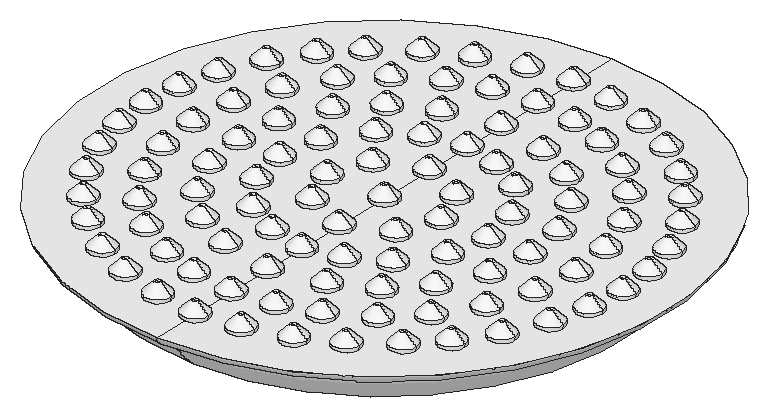
Revit family "Reece_Shower_Kado_Era_Shower Rose_200mm", category Plumbing Fixtures, host Face, Revit 2018 (continued)
Automatic sketch dimensions
  Revolve 41 sketch curve to Revolve 41 sketch curve = 4.5 mm  (x2)
  Revolve 41 sketch curve to Revolve 41 sketch curve = 3.5 mm
  Revolve 41 sketch curve to Revolve 41 sketch curve = 0 mm  (x2)
  Revolve 41 sketch curve to Revolve 41 sketch curve = 0.5 mm
  Revolve 42 sketch curve to plane 3 "Center (Left/Right)" = 31.536 mm
  Revolve 42 sketch curve to Revolve 42 sketch curve = 1 mm
  Revolve 42 sketch curve to Revolve 42 sketch curve = 4.5 mm  (x2)
  Revolve 42 sketch curve to Revolve 42 sketch curve = 3.5 mm
  Revolve 42 sketch curve to Revolve 42 sketch curve = 0 mm  (x2)
  Revolve 42 sketch curve to Revolve 42 sketch curve = 0.5 mm
  Revolve 43 sketch curve to plane 3 "Center (Left/Right)" = 41.926 mm
  Revolve 43 sketch curve to Revolve 43 sketch curve = 1 mm
  Revolve 43 sketch curve to Revolve 43 sketch curve = 4.5 mm  (x2)
  Revolve 43 sketch curve to Revolve 43 sketch curve = 3.5 mm
  Revolve 43 sketch curve to Revolve 43 sketch curve = 0 mm  (x2)
  Revolve 43 sketch curve to Revolve 43 sketch curve = 0.5 mm
  Revolve 44 sketch curve to plane 3 "Center (Left/Right)" = 49.259 mm
  Revolve 44 sketch curve to Revolve 44 sketch curve = 1 mm
  Revolve 44 sketch curve to Revolve 44 sketch curve = 4.5 mm  (x2)
  Revolve 44 sketch curve to Revolve 44 sketch curve = 3.5 mm
  Revolve 44 sketch curve to Revolve 44 sketch curve = 0 mm  (x2)
  Revolve 44 sketch curve to Revolve 44 sketch curve = 0.5 mm
  plane 3 "Center (Left/Right)" to Revolve 45 sketch curve = 0.043 mm  (x2)
  Revolve 45 sketch curve to Revolve 45 sketch curve = 1 mm
  Revolve 45 sketch curve to Revolve 45 sketch curve = 4.5 mm  (x2)
  Revolve 45 sketch curve to Revolve 45 sketch curve = 3.5 mm
  Revolve 45 sketch curve to Revolve 45 sketch curve = 0.5 mm
  Revolve 45 sketch curve to Revolve 45 sketch curve = 0 mm
  plane 3 "Center (Left/Right)" to Revolve 46 sketch curve = 0.043 mm  (x2)
  Revolve 46 sketch curve to Revolve 46 sketch curve = 1 mm  (x2)
  Revolve 46 sketch curve to Revolve 46 sketch curve = 4.5 mm  (x2)
  Revolve 46 sketch curve to Revolve 46 sketch curve = 0 mm
  Revolve 46 sketch curve to Revolve 46 sketch curve = 0.5 mm
  plane 3 "Center (Left/Right)" to Revolve 47 sketch curve = 14.442 mm
  Revolve 47 sketch curve to Revolve 47 sketch curve = 1 mm
  Revolve 47 sketch curve to Revolve 47 sketch curve = 4.5 mm  (x2)
  Revolve 47 sketch curve to Revolve 47 sketch curve = 3.5 mm
  Revolve 47 sketch curve to Revolve 47 sketch curve = 0 mm  (x2)
  Revolve 47 sketch curve to Revolve 47 sketch curve = 0.5 mm
  plane 3 "Center (Left/Right)" to Revolve 48 sketch curve = 27.334 mm
  Revolve 48 sketch curve to Revolve 48 sketch curve = 1 mm
  Revolve 48 sketch curve to Revolve 48 sketch curve = 4.5 mm  (x2)
  Revolve 48 sketch curve to Revolve 48 sketch curve = 3.5 mm
  Revolve 48 sketch curve to Revolve 48 sketch curve = 0 mm  (x2)
  Revolve 48 sketch curve to Revolve 48 sketch curve = 0.5 mm
  plane 3 "Center (Left/Right)" to Revolve 49 sketch curve = 40.634 mm
  Revolve 49 sketch curve to Revolve 49 sketch curve = 1 mm
  Revolve 49 sketch curve to Revolve 49 sketch curve = 4.5 mm  (x2)
  Revolve 49 sketch curve to Revolve 49 sketch curve = 3.5 mm
  Revolve 49 sketch curve to Revolve 49 sketch curve = 0 mm  (x2)
  Revolve 49 sketch curve to Revolve 49 sketch curve = 0.5 mm
  plane 4 to Revolve 50 sketch curve = 48.759 mm
  Revolve 50 sketch curve to Revolve 50 sketch curve = 1 mm
  Revolve 50 sketch curve to Revolve 50 sketch curve = 4.5 mm  (x2)
  Revolve 50 sketch curve to Revolve 50 sketch curve = 3.5 mm
  Revolve 50 sketch curve to Revolve 50 sketch curve = 0 mm  (x2)
  Revolve 50 sketch curve to Revolve 50 sketch curve = 0.5 mm
  plane 4 to Revolve 51 sketch curve = 32.734 mm
  Revolve 51 sketch curve to Revolve 51 sketch curve = 1 mm
  Revolve 51 sketch curve to Revolve 51 sketch curve = 4.5 mm  (x2)
  Revolve 51 sketch curve to Revolve 51 sketch curve = 3.5 mm
  Revolve 51 sketch curve to Revolve 51 sketch curve = 0 mm  (x2)
  Revolve 51 sketch curve to Revolve 51 sketch curve = 0.5 mm
  plane 4 to Revolve 52 sketch curve = 39.928 mm
  Revolve 52 sketch curve to Revolve 52 sketch curve = 1 mm
  Revolve 52 sketch curve to Revolve 52 sketch curve = 4.5 mm  (x2)
  Revolve 52 sketch curve to Revolve 52 sketch curve = 3.5 mm
  Revolve 52 sketch curve to Revolve 52 sketch curve = 0 mm  (x2)
  Revolve 52 sketch curve to Revolve 52 sketch curve = 0.5 mm
  plane 4 to Revolve 53 sketch curve = 34.611 mm
  Revolve 53 sketch curve to Revolve 53 sketch curve = 1 mm
  Revolve 53 sketch curve to Revolve 53 sketch curve = 4.5 mm  (x2)
  Revolve 53 sketch curve to Revolve 53 sketch curve = 3.5 mm
  Revolve 53 sketch curve to Revolve 53 sketch curve = 0 mm  (x2)
  Revolve 53 sketch curve to Revolve 53 sketch curve = 0.5 mm
  Revolve 54 sketch curve to plane 3 "Center (Left/Right)" = 14.442 mm
  Revolve 54 sketch curve to Revolve 54 sketch curve = 1 mm  (x2)
  Revolve 54 sketch curve to Revolve 54 sketch curve = 4.5 mm  (x2)
  Revolve 54 sketch curve to Revolve 54 sketch curve = 0 mm  (x2)
  Revolve 54 sketch curve to Revolve 54 sketch curve = 0.5 mm
  Revolve 55 sketch curve to plane 3 "Center (Left/Right)" = 27.334 mm
  Revolve 55 sketch curve to Revolve 55 sketch curve = 1 mm  (x2)
  Revolve 55 sketch curve to Revolve 55 sketch curve = 4.5 mm  (x2)
  Revolve 55 sketch curve to Revolve 55 sketch curve = 0 mm  (x2)
  Revolve 55 sketch curve to Revolve 55 sketch curve = 0.5 mm
  Revolve 56 sketch curve to plane 3 "Center (Left/Right)" = 40.634 mm
  Revolve 56 sketch curve to Revolve 56 sketch curve = 1 mm  (x2)
  Revolve 56 sketch curve to Revolve 56 sketch curve = 4.5 mm  (x2)
  Revolve 56 sketch curve to Revolve 56 sketch curve = 0 mm  (x2)
  Revolve 56 sketch curve to Revolve 56 sketch curve = 0.5 mm
  Revolve 57 sketch curve to plane 7 = 48.759 mm
  Revolve 57 sketch curve to Revolve 57 sketch curve = 1 mm  (x2)
  Revolve 57 sketch curve to Revolve 57 sketch curve = 4.5 mm  (x2)
  Revolve 57 sketch curve to Revolve 57 sketch curve = 0 mm  (x2)
  Revolve 57 sketch curve to Revolve 57 sketch curve = 0.5 mm
  Revolve 58 sketch curve to plane 7 = 32.734 mm
  Revolve 58 sketch curve to Revolve 58 sketch curve = 1 mm  (x2)
  Revolve 58 sketch curve to Revolve 58 sketch curve = 4.5 mm  (x2)
  Revolve 58 sketch curve to Revolve 58 sketch curve = 0 mm  (x2)
  Revolve 58 sketch curve to Revolve 58 sketch curve = 0.5 mm
  Revolve 59 sketch curve to plane 7 = 39.928 mm
  Revolve 59 sketch curve to Revolve 59 sketch curve = 1 mm  (x2)
  Revolve 59 sketch curve to Revolve 59 sketch curve = 4.5 mm  (x2)
  Revolve 59 sketch curve to Revolve 59 sketch curve = 0 mm  (x2)
  Revolve 59 sketch curve to Revolve 59 sketch curve = 0.5 mm
  Revolve 60 sketch curve to plane 7 = 34.611 mm
  Revolve 60 sketch curve to Revolve 60 sketch curve = 1 mm  (x2)
  Revolve 60 sketch curve to Revolve 60 sketch curve = 4.5 mm  (x2)
  Revolve 60 sketch curve to Revolve 60 sketch curve = 0 mm  (x2)
  Revolve 60 sketch curve to Revolve 60 sketch curve = 0.5 mm
  plane 3 "Center (Left/Right)" to Revolve 61 sketch curve = 0.043 mm  (x2)
  Revolve 61 sketch curve to Revolve 61 sketch curve = 1 mm
  Revolve 61 sketch curve to Revolve 61 sketch curve = 4.5 mm  (x2)
  Revolve 61 sketch curve to Revolve 61 sketch curve = 3.5 mm
  Revolve 61 sketch curve to Revolve 61 sketch curve = 0.5 mm
  Revolve 61 sketch curve to Revolve 61 sketch curve = 0 mm
  plane 3 "Center (Left/Right)" to Revolve 62 sketch curve = 14.442 mm
  Revolve 62 sketch curve to Revolve 62 sketch curve = 1 mm  (x2)
  Revolve 62 sketch curve to Revolve 62 sketch curve = 4.5 mm  (x2)
  Revolve 62 sketch curve to Revolve 62 sketch curve = 0 mm  (x2)
  Revolve 62 sketch curve to Revolve 62 sketch curve = 0.5 mm
  plane 3 "Center (Left/Right)" to Revolve 63 sketch curve = 27.334 mm
  Revolve 63 sketch curve to Revolve 63 sketch curve = 1 mm  (x2)
  Revolve 63 sketch curve to Revolve 63 sketch curve = 4.5 mm  (x2)
  Revolve 63 sketch curve to Revolve 63 sketch curve = 0 mm  (x2)
  Revolve 63 sketch curve to Revolve 63 sketch curve = 0.5 mm
  plane 3 "Center (Left/Right)" to Revolve 64 sketch curve = 40.634 mm
  Revolve 64 sketch curve to Revolve 64 sketch curve = 1 mm  (x2)
  Revolve 64 sketch curve to Revolve 64 sketch curve = 4.5 mm  (x2)
  Revolve 64 sketch curve to Revolve 64 sketch curve = 0 mm  (x2)
  Revolve 64 sketch curve to Revolve 64 sketch curve = 0.5 mm
  plane 4 to Revolve 65 sketch curve = 48.759 mm
  Revolve 65 sketch curve to Revolve 65 sketch curve = 1 mm  (x2)
  Revolve 65 sketch curve to Revolve 65 sketch curve = 4.5 mm  (x2)
  Revolve 65 sketch curve to Revolve 65 sketch curve = 0 mm  (x2)
  Revolve 65 sketch curve to Revolve 65 sketch curve = 0.5 mm
  plane 4 to Revolve 66 sketch curve = 39.928 mm
  Revolve 66 sketch curve to Revolve 66 sketch curve = 1 mm  (x2)
  Revolve 66 sketch curve to Revolve 66 sketch curve = 4.5 mm  (x2)
  Revolve 66 sketch curve to Revolve 66 sketch curve = 0 mm  (x2)
  Revolve 66 sketch curve to Revolve 66 sketch curve = 0.5 mm
  plane 4 to Revolve 67 sketch curve = 34.611 mm
  Revolve 67 sketch curve to Revolve 67 sketch curve = 1 mm  (x2)
  Revolve 67 sketch curve to Revolve 67 sketch curve = 4.5 mm  (x2)
  Revolve 67 sketch curve to Revolve 67 sketch curve = 0 mm  (x2)
  Revolve 67 sketch curve to Revolve 67 sketch curve = 0.5 mm
  Revolve 68 sketch curve to plane 3 "Center (Left/Right)" = 14.442 mm
  Revolve 68 sketch curve to Revolve 68 sketch curve = 1 mm
  Revolve 68 sketch curve to Revolve 68 sketch curve = 4.5 mm  (x2)
  Revolve 68 sketch curve to Revolve 68 sketch curve = 3.5 mm
  Revolve 68 sketch curve to Revolve 68 sketch curve = 0 mm  (x2)
  Revolve 68 sketch curve to Revolve 68 sketch curve = 0.5 mm
  Revolve 69 sketch curve to plane 3 "Center (Left/Right)" = 27.334 mm
  Revolve 69 sketch curve to Revolve 69 sketch curve = 1 mm
  Revolve 69 sketch curve to Revolve 69 sketch curve = 4.5 mm  (x2)
  Revolve 69 sketch curve to Revolve 69 sketch curve = 3.5 mm
  Revolve 69 sketch curve to Revolve 69 sketch curve = 0 mm  (x2)
  Revolve 69 sketch curve to Revolve 69 sketch curve = 0.5 mm
  Revolve 70 sketch curve to plane 3 "Center (Left/Right)" = 40.634 mm
  Revolve 70 sketch curve to Revolve 70 sketch curve = 1 mm
  Revolve 70 sketch curve to Revolve 70 sketch curve = 4.5 mm  (x2)
  Revolve 70 sketch curve to Revolve 70 sketch curve = 3.5 mm
  Revolve 70 sketch curve to Revolve 70 sketch curve = 0 mm  (x2)
  Revolve 70 sketch curve to Revolve 70 sketch curve = 0.5 mm
  Revolve 71 sketch curve to plane 7 = 48.759 mm
  Revolve 71 sketch curve to Revolve 71 sketch curve = 1 mm
  Revolve 71 sketch curve to Revolve 71 sketch curve = 4.5 mm  (x2)
  Revolve 71 sketch curve to Revolve 71 sketch curve = 3.5 mm
  Revolve 71 sketch curve to Revolve 71 sketch curve = 0 mm  (x2)
  Revolve 71 sketch curve to Revolve 71 sketch curve = 0.5 mm
  Revolve 72 sketch curve to plane 7 = 39.928 mm
  Revolve 72 sketch curve to Revolve 72 sketch curve = 1 mm
  Revolve 72 sketch curve to Revolve 72 sketch curve = 4.5 mm  (x2)
  Revolve 72 sketch curve to Revolve 72 sketch curve = 3.5 mm
  Revolve 72 sketch curve to Revolve 72 sketch curve = 0 mm  (x2)
  Revolve 72 sketch curve to Revolve 72 sketch curve = 0.5 mm
  Revolve 73 sketch curve to plane 7 = 34.611 mm
  Revolve 73 sketch curve to Revolve 73 sketch curve = 1 mm
  Revolve 73 sketch curve to Revolve 73 sketch curve = 4.5 mm  (x2)
  Revolve 73 sketch curve to Revolve 73 sketch curve = 3.5 mm
  Revolve 73 sketch curve to Revolve 73 sketch curve = 0 mm  (x2)
  Revolve 73 sketch curve to Revolve 73 sketch curve = 0.5 mm
  Revolve 74 sketch curve to plane 3 "Center (Left/Right)" = 0.019 mm  (x2)
  plane 3 "Center (Left/Right)" to Revolve 74 sketch curve = 0.981 mm
  plane 3 "Center (Left/Right)" to Revolve 74 sketch curve = 4.481 mm
  Revolve 74 sketch curve to Revolve 74 sketch curve = 1 mm
  Revolve 74 sketch curve to Revolve 74 sketch curve = 4.5 mm
  Revolve 74 sketch curve to Revolve 74 sketch curve = 0 mm
  Revolve 74 sketch curve to Revolve 74 sketch curve = 0.5 mm
  plane 3 "Center (Left/Right)" to Revolve 75 sketch curve = 29.602 mm
  Revolve 75 sketch curve to Revolve 75 sketch curve = 1 mm
  Revolve 75 sketch curve to Revolve 75 sketch curve = 4.5 mm  (x2)
  Revolve 75 sketch curve to Revolve 75 sketch curve = 3.5 mm
  Revolve 75 sketch curve to Revolve 75 sketch curve = 0 mm  (x2)
  Revolve 75 sketch curve to Revolve 75 sketch curve = 0.5 mm
  plane 3 "Center (Left/Right)" to Revolve 76 sketch curve = 42.863 mm
  Revolve 76 sketch curve to Revolve 76 sketch curve = 1 mm
  Revolve 76 sketch curve to Revolve 76 sketch curve = 4.5 mm  (x2)
  Revolve 76 sketch curve to Revolve 76 sketch curve = 3.5 mm
  Revolve 76 sketch curve to Revolve 76 sketch curve = 0 mm  (x2)
  Revolve 76 sketch curve to Revolve 76 sketch curve = 0.5 mm
  plane 4 to Revolve 77 sketch curve = 44.589 mm
  Revolve 77 sketch curve to Revolve 77 sketch curve = 1 mm
  Revolve 77 sketch curve to Revolve 77 sketch curve = 4.5 mm  (x2)
  Revolve 77 sketch curve to Revolve 77 sketch curve = 3.5 mm
  Revolve 77 sketch curve to Revolve 77 sketch curve = 0 mm  (x2)
  Revolve 77 sketch curve to Revolve 77 sketch curve = 0.5 mm
  plane 4 to Revolve 78 sketch curve = 27.006 mm
  Revolve 78 sketch curve to Revolve 78 sketch curve = 1 mm
  Revolve 78 sketch curve to Revolve 78 sketch curve = 4.5 mm  (x2)
  Revolve 78 sketch curve to Revolve 78 sketch curve = 3.5 mm
  Revolve 78 sketch curve to Revolve 78 sketch curve = 0 mm  (x2)
  Revolve 78 sketch curve to Revolve 78 sketch curve = 0.5 mm
  plane 4 to Revolve 79 sketch curve = 16.207 mm
  Revolve 79 sketch curve to Revolve 79 sketch curve = 1 mm
  Revolve 79 sketch curve to Revolve 79 sketch curve = 4.5 mm  (x2)
  Revolve 79 sketch curve to Revolve 79 sketch curve = 3.5 mm
  Revolve 79 sketch curve to Revolve 79 sketch curve = 0 mm  (x2)
  Revolve 79 sketch curve to Revolve 79 sketch curve = 0.5 mm
  plane 4 to Revolve 80 sketch curve = 20.788 mm
  Revolve 80 sketch curve to Revolve 80 sketch curve = 1 mm
  Revolve 80 sketch curve to Revolve 80 sketch curve = 4.5 mm  (x2)
  Revolve 80 sketch curve to Revolve 80 sketch curve = 3.5 mm
  Revolve 80 sketch curve to Revolve 80 sketch curve = 0 mm  (x2)
  Revolve 80 sketch curve to Revolve 80 sketch curve = 0.5 mm
  plane 4 to Revolve 81 sketch curve = 17.39 mm
  Revolve 81 sketch curve to Revolve 81 sketch curve = 1 mm
  Revolve 81 sketch curve to Revolve 81 sketch curve = 4.5 mm  (x2)
  Revolve 81 sketch curve to Revolve 81 sketch curve = 3.5 mm
  Revolve 81 sketch curve to Revolve 81 sketch curve = 0 mm  (x2)
  Revolve 81 sketch curve to Revolve 81 sketch curve = 0.5 mm
  plane 4 to Revolve 82 sketch curve = 35.281 mm
  Revolve 82 sketch curve to Revolve 82 sketch curve = 1 mm
  Revolve 82 sketch curve to Revolve 82 sketch curve = 4.5 mm  (x2)
  Revolve 82 sketch curve to Revolve 82 sketch curve = 3.5 mm
  Revolve 82 sketch curve to Revolve 82 sketch curve = 0 mm  (x2)
  Revolve 82 sketch curve to Revolve 82 sketch curve = 0.5 mm
  plane 3 "Center (Left/Right)" to Revolve 83 sketch curve = 14.663 mm
  Revolve 83 sketch curve to Revolve 83 sketch curve = 1 mm
  Revolve 83 sketch curve to Revolve 83 sketch curve = 4.5 mm  (x2)
  Revolve 83 sketch curve to Revolve 83 sketch curve = 3.5 mm
  Revolve 83 sketch curve to Revolve 83 sketch curve = 0 mm  (x2)
  Revolve 83 sketch curve to Revolve 83 sketch curve = 0.5 mm
  plane 3 "Center (Left/Right)" to Revolve 84 sketch curve = 0.004 mm  (x2)
  Revolve 84 sketch curve to Revolve 84 sketch curve = 1 mm  (x2)
  Revolve 84 sketch curve to Revolve 84 sketch curve = 4.5 mm  (x2)
  Revolve 84 sketch curve to Revolve 84 sketch curve = 0 mm
  Revolve 84 sketch curve to Revolve 84 sketch curve = 0.5 mm
  Revolve 85 sketch curve to plane 3 "Center (Left/Right)" = 29.602 mm
  Revolve 85 sketch curve to Revolve 85 sketch curve = 1 mm  (x2)
  Revolve 85 sketch curve to Revolve 85 sketch curve = 4.5 mm  (x2)
  Revolve 85 sketch curve to Revolve 85 sketch curve = 0 mm  (x2)
  Revolve 85 sketch curve to Revolve 85 sketch curve = 0.5 mm
  Revolve 86 sketch curve to plane 3 "Center (Left/Right)" = 42.863 mm
  Revolve 86 sketch curve to Revolve 86 sketch curve = 1 mm  (x2)
  Revolve 86 sketch curve to Revolve 86 sketch curve = 4.5 mm  (x2)
  Revolve 86 sketch curve to Revolve 86 sketch curve = 0 mm  (x2)
  Revolve 86 sketch curve to Revolve 86 sketch curve = 0.5 mm
  Revolve 87 sketch curve to plane 7 = 44.589 mm
  Revolve 87 sketch curve to Revolve 87 sketch curve = 1 mm  (x2)
  Revolve 87 sketch curve to Revolve 87 sketch curve = 4.5 mm  (x2)
  Revolve 87 sketch curve to Revolve 87 sketch curve = 0 mm  (x2)
  Revolve 87 sketch curve to Revolve 87 sketch curve = 0.5 mm
  Revolve 88 sketch curve to plane 7 = 27.006 mm
  Revolve 88 sketch curve to Revolve 88 sketch curve = 1 mm  (x2)
  Revolve 88 sketch curve to Revolve 88 sketch curve = 4.5 mm  (x2)
  Revolve 88 sketch curve to Revolve 88 sketch curve = 0 mm  (x2)
  Revolve 88 sketch curve to Revolve 88 sketch curve = 0.5 mm
  Revolve 89 sketch curve to plane 7 = 16.207 mm
  Revolve 89 sketch curve to Revolve 89 sketch curve = 1 mm  (x2)
  Revolve 89 sketch curve to Revolve 89 sketch curve = 4.5 mm  (x2)
  Revolve 89 sketch curve to Revolve 89 sketch curve = 0 mm  (x2)
  Revolve 89 sketch curve to Revolve 89 sketch curve = 0.5 mm
  Revolve 90 sketch curve to plane 7 = 20.788 mm
  Revolve 90 sketch curve to Revolve 90 sketch curve = 1 mm  (x2)
  Revolve 90 sketch curve to Revolve 90 sketch curve = 4.5 mm  (x2)
  Revolve 90 sketch curve to Revolve 90 sketch curve = 0 mm  (x2)
  Revolve 90 sketch curve to Revolve 90 sketch curve = 0.5 mm
  Revolve 91 sketch curve to plane 7 = 17.39 mm
  Revolve 91 sketch curve to Revolve 91 sketch curve = 1 mm  (x2)
  Revolve 91 sketch curve to Revolve 91 sketch curve = 4.5 mm  (x2)
  Revolve 91 sketch curve to Revolve 91 sketch curve = 0 mm  (x2)
  Revolve 91 sketch curve to Revolve 91 sketch curve = 0.5 mm
  Revolve 92 sketch curve to plane 7 = 35.281 mm
  Revolve 92 sketch curve to Revolve 92 sketch curve = 1 mm  (x2)
  Revolve 92 sketch curve to Revolve 92 sketch curve = 4.5 mm  (x2)
  Revolve 92 sketch curve to Revolve 92 sketch curve = 0 mm  (x2)
  Revolve 92 sketch curve to Revolve 92 sketch curve = 0.5 mm
  Revolve 93 sketch curve to plane 3 "Center (Left/Right)" = 14.663 mm
  Revolve 93 sketch curve to Revolve 93 sketch curve = 1 mm  (x2)
  Revolve 93 sketch curve to Revolve 93 sketch curve = 4.5 mm  (x2)
  Revolve 93 sketch curve to Revolve 93 sketch curve = 0 mm  (x2)
  Revolve 93 sketch curve to Revolve 93 sketch curve = 0.5 mm
  Revolve 94 sketch curve to plane 3 "Center (Left/Right)" = 0.019 mm  (x2)
  plane 3 "Center (Left/Right)" to Revolve 94 sketch curve = 0.981 mm
  plane 3 "Center (Left/Right)" to Revolve 94 sketch curve = 4.481 mm
  Revolve 94 sketch curve to Revolve 94 sketch curve = 3.5 mm
  Revolve 94 sketch curve to Revolve 94 sketch curve = 4.5 mm
  Revolve 94 sketch curve to Revolve 94 sketch curve = 0.5 mm
  Revolve 94 sketch curve to Revolve 94 sketch curve = 0 mm
  plane 3 "Center (Left/Right)" to Revolve 95 sketch curve = 29.602 mm
  Revolve 95 sketch curve to Revolve 95 sketch curve = 1 mm  (x2)
  Revolve 95 sketch curve to Revolve 95 sketch curve = 4.5 mm  (x2)
  Revolve 95 sketch curve to Revolve 95 sketch curve = 0 mm  (x2)
  Revolve 95 sketch curve to Revolve 95 sketch curve = 0.5 mm
  plane 3 "Center (Left/Right)" to Revolve 96 sketch curve = 42.863 mm
  Revolve 96 sketch curve to Revolve 96 sketch curve = 1 mm  (x2)
  Revolve 96 sketch curve to Revolve 96 sketch curve = 4.5 mm  (x2)
  Revolve 96 sketch curve to Revolve 96 sketch curve = 0 mm  (x2)
  Revolve 96 sketch curve to Revolve 96 sketch curve = 0.5 mm
  plane 4 to Revolve 97 sketch curve = 44.589 mm
  Revolve 97 sketch curve to Revolve 97 sketch curve = 1 mm  (x2)
  Revolve 97 sketch curve to Revolve 97 sketch curve = 4.5 mm  (x2)
  Revolve 97 sketch curve to Revolve 97 sketch curve = 0 mm  (x2)
  Revolve 97 sketch curve to Revolve 97 sketch curve = 0.5 mm
  plane 4 to Revolve 98 sketch curve = 27.006 mm
  Revolve 98 sketch curve to Revolve 98 sketch curve = 1 mm  (x2)
  Revolve 98 sketch curve to Revolve 98 sketch curve = 4.5 mm  (x2)
  Revolve 98 sketch curve to Revolve 98 sketch curve = 0 mm  (x2)
  Revolve 98 sketch curve to Revolve 98 sketch curve = 0.5 mm
  plane 4 to Revolve 99 sketch curve = 20.788 mm
  Revolve 99 sketch curve to Revolve 99 sketch curve = 1 mm  (x2)
  Revolve 99 sketch curve to Revolve 99 sketch curve = 4.5 mm  (x2)
  Revolve 99 sketch curve to Revolve 99 sketch curve = 0 mm  (x2)
  Revolve 99 sketch curve to Revolve 99 sketch curve = 0.5 mm
  plane 4 to Revolve 100 sketch curve = 17.39 mm
  Revolve 100 sketch curve to Revolve 100 sketch curve = 1 mm  (x2)
  Revolve 100 sketch curve to Revolve 100 sketch curve = 4.5 mm  (x2)
  Revolve 100 sketch curve to Revolve 100 sketch curve = 0 mm  (x2)
  Revolve 100 sketch curve to Revolve 100 sketch curve = 0.5 mm
  plane 4 to Revolve 101 sketch curve = 35.281 mm
  Revolve 101 sketch curve to Revolve 101 sketch curve = 1 mm  (x2)
  Revolve 101 sketch curve to Revolve 101 sketch curve = 4.5 mm  (x2)
  Revolve 101 sketch curve to Revolve 101 sketch curve = 0 mm  (x2)
  Revolve 101 sketch curve to Revolve 101 sketch curve = 0.5 mm
  plane 3 "Center (Left/Right)" to Revolve 102 sketch curve = 14.663 mm
  Revolve 102 sketch curve to Revolve 102 sketch curve = 1 mm  (x2)
  Revolve 102 sketch curve to Revolve 102 sketch curve = 4.5 mm  (x2)
  Revolve 102 sketch curve to Revolve 102 sketch curve = 0 mm  (x2)
  Revolve 102 sketch curve to Revolve 102 sketch curve = 0.5 mm
  Revolve 103 sketch curve to plane 3 "Center (Left/Right)" = 29.602 mm
  Revolve 103 sketch curve to Revolve 103 sketch curve = 1 mm
  Revolve 103 sketch curve to Revolve 103 sketch curve = 4.5 mm  (x2)
  Revolve 103 sketch curve to Revolve 103 sketch curve = 3.5 mm
  Revolve 103 sketch curve to Revolve 103 sketch curve = 0 mm  (x2)
  Revolve 103 sketch curve to Revolve 103 sketch curve = 0.5 mm
  Revolve 104 sketch curve to plane 3 "Center (Left/Right)" = 42.863 mm
  Revolve 104 sketch curve to Revolve 104 sketch curve = 1 mm
  Revolve 104 sketch curve to Revolve 104 sketch curve = 4.5 mm  (x2)
  Revolve 104 sketch curve to Revolve 104 sketch curve = 3.5 mm
  Revolve 104 sketch curve to Revolve 104 sketch curve = 0 mm  (x2)
  Revolve 104 sketch curve to Revolve 104 sketch curve = 0.5 mm
  Revolve 105 sketch curve to plane 7 = 44.589 mm
  Revolve 105 sketch curve to Revolve 105 sketch curve = 1 mm
  Revolve 105 sketch curve to Revolve 105 sketch curve = 4.5 mm  (x2)
  Revolve 105 sketch curve to Revolve 105 sketch curve = 3.5 mm
  Revolve 105 sketch curve to Revolve 105 sketch curve = 0 mm  (x2)
  Revolve 105 sketch curve to Revolve 105 sketch curve = 0.5 mm
  Revolve 106 sketch curve to plane 7 = 27.006 mm
  Revolve 106 sketch curve to Revolve 106 sketch curve = 1 mm
  Revolve 106 sketch curve to Revolve 106 sketch curve = 4.5 mm  (x2)
  Revolve 106 sketch curve to Revolve 106 sketch curve = 3.5 mm
  Revolve 106 sketch curve to Revolve 106 sketch curve = 0 mm  (x2)
  Revolve 106 sketch curve to Revolve 106 sketch curve = 0.5 mm
  Revolve 107 sketch curve to plane 7 = 20.788 mm
  Revolve 107 sketch curve to Revolve 107 sketch curve = 1 mm
  Revolve 107 sketch curve to Revolve 107 sketch curve = 4.5 mm  (x2)
  Revolve 107 sketch curve to Revolve 107 sketch curve = 3.5 mm
  Revolve 107 sketch curve to Revolve 107 sketch curve = 0 mm  (x2)
  Revolve 107 sketch curve to Revolve 107 sketch curve = 0.5 mm
  Revolve 108 sketch curve to plane 7 = 17.39 mm
  Revolve 108 sketch curve to Revolve 108 sketch curve = 1 mm
  Revolve 108 sketch curve to Revolve 108 sketch curve = 4.5 mm  (x2)
  Revolve 108 sketch curve to Revolve 108 sketch curve = 3.5 mm
  Revolve 108 sketch curve to Revolve 108 sketch curve = 0 mm  (x2)
  Revolve 108 sketch curve to Revolve 108 sketch curve = 0.5 mm
  Revolve 109 sketch curve to plane 7 = 35.281 mm
  Revolve 109 sketch curve to Revolve 109 sketch curve = 1 mm
  Revolve 109 sketch curve to Revolve 109 sketch curve = 4.5 mm  (x2)
  Revolve 109 sketch curve to Revolve 109 sketch curve = 3.5 mm
  Revolve 109 sketch curve to Revolve 109 sketch curve = 0 mm  (x2)
  Revolve 109 sketch curve to Revolve 109 sketch curve = 0.5 mm
  Revolve 110 sketch curve to plane 3 "Center (Left/Right)" = 14.663 mm
  Revolve 110 sketch curve to Revolve 110 sketch curve = 1 mm
  Revolve 110 sketch curve to Revolve 110 sketch curve = 4.5 mm  (x2)
  Revolve 110 sketch curve to Revolve 110 sketch curve = 3.5 mm
  Revolve 110 sketch curve to Revolve 110 sketch curve = 0 mm  (x2)
  Revolve 110 sketch curve to Revolve 110 sketch curve = 0.5 mm
  Revolve 1 sketch curve to Revolve 1 sketch curve = 53.814 mm
  level to Revolve 2 sketch curve = 50 mm
  level to Revolve 3 sketch curve = 50 mm
  level to Revolve 4 sketch curve = 50 mm
  level to Revolve 5 sketch curve = 54.5 mm
  level to Revolve 6 sketch curve = 54.5 mm
  level to Revolve 7 sketch curve = 54.5 mm
  level to Revolve 8 sketch curve = 54.5 mm
  level to Revolve 9 sketch curve = 50 mm
  level to Revolve 10 sketch curve = 50 mm
  level to Revolve 11 sketch curve = 54.5 mm
  level to Revolve 12 sketch curve = 50 mm
  level to Revolve 13 sketch curve = 50 mm
  level to Revolve 14 sketch curve = 54.5 mm
  level to Revolve 15 sketch curve = 50 mm
  level to Revolve 16 sketch curve = 50 mm
  level to Revolve 17 sketch curve = 54.5 mm
  level to Revolve 18 sketch curve = 54.5 mm
  level to Revolve 19 sketch curve = 54.5 mm
  level to Revolve 20 sketch curve = 54.5 mm
  level to Revolve 21 sketch curve = 54.5 mm
  level to Revolve 22 sketch curve = 54.5 mm
  level to Revolve 23 sketch curve = 50 mm
  level to Revolve 24 sketch curve = 50 mm
  level to Revolve 25 sketch curve = 50 mm
  level to Revolve 26 sketch curve = 50 mm
  level to Revolve 27 sketch curve = 54.5 mm
  level to Revolve 28 sketch curve = 54.5 mm
  level to Revolve 29 sketch curve = 54.5 mm
  level to Revolve 30 sketch curve = 54.5 mm
  level to Revolve 31 sketch curve = 54.5 mm
  level to Revolve 32 sketch curve = 50 mm
  level to Revolve 33 sketch curve = 50 mm
  level to Revolve 34 sketch curve = 50 mm
  level to Revolve 35 sketch curve = 50 mm
  level to Revolve 36 sketch curve = 50 mm
  level to Revolve 37 sketch curve = 50 mm
  level to Revolve 38 sketch curve = 50 mm
  level to Revolve 39 sketch curve = 50 mm
  level to Revolve 40 sketch curve = 50 mm
  level to Revolve 41 sketch curve = 54.5 mm
  level to Revolve 42 sketch curve = 54.5 mm
  level to Revolve 43 sketch curve = 54.5 mm
  level to Revolve 44 sketch curve = 54.5 mm
  level to Revolve 45 sketch curve = 54.5 mm
  level to Revolve 46 sketch curve = 50 mm
  level to Revolve 47 sketch curve = 54.5 mm
  level to Revolve 48 sketch curve = 54.5 mm
  level to Revolve 49 sketch curve = 54.5 mm
  level to Revolve 50 sketch curve = 54.5 mm
  level to Revolve 51 sketch curve = 54.5 mm
  level to Revolve 52 sketch curve = 54.5 mm
  level to Revolve 53 sketch curve = 54.5 mm
  level to Revolve 54 sketch curve = 50 mm
  level to Revolve 55 sketch curve = 50 mm
  level to Revolve 56 sketch curve = 50 mm
  level to Revolve 57 sketch curve = 50 mm
  level to Revolve 58 sketch curve = 50 mm
  level to Revolve 59 sketch curve = 50 mm
  level to Revolve 60 sketch curve = 50 mm
  level to Revolve 61 sketch curve = 54.5 mm
  level to Revolve 62 sketch curve = 50 mm
  level to Revolve 63 sketch curve = 50 mm
  level to Revolve 64 sketch curve = 50 mm
  level to Revolve 65 sketch curve = 50 mm
  level to Revolve 66 sketch curve = 50 mm
  level to Revolve 67 sketch curve = 50 mm
  level to Revolve 68 sketch curve = 54.5 mm
  level to Revolve 69 sketch curve = 54.5 mm
  level to Revolve 70 sketch curve = 54.5 mm
  level to Revolve 71 sketch curve = 54.5 mm
  level to Revolve 72 sketch curve = 54.5 mm
  level to Revolve 73 sketch curve = 54.5 mm
  level to Revolve 74 sketch curve = 50 mm
  level to Revolve 75 sketch curve = 54.5 mm
  level to Revolve 76 sketch curve = 54.5 mm
  level to Revolve 77 sketch curve = 54.5 mm
  level to Revolve 78 sketch curve = 54.5 mm
  level to Revolve 79 sketch curve = 54.5 mm
  level to Revolve 80 sketch curve = 54.5 mm
  level to Revolve 81 sketch curve = 54.5 mm
  level to Revolve 82 sketch curve = 54.5 mm
  level to Revolve 83 sketch curve = 54.5 mm
  level to Revolve 84 sketch curve = 50 mm
  level to Revolve 85 sketch curve = 50 mm
  level to Revolve 86 sketch curve = 50 mm
  level to Revolve 87 sketch curve = 50 mm
  level to Revolve 88 sketch curve = 50 mm
  level to Revolve 89 sketch curve = 50 mm
  level to Revolve 90 sketch curve = 50 mm
  level to Revolve 91 sketch curve = 50 mm
  level to Revolve 92 sketch curve = 50 mm
  level to Revolve 93 sketch curve = 50 mm
  level to Revolve 94 sketch curve = 54.5 mm
  level to Revolve 95 sketch curve = 50 mm
  level to Revolve 96 sketch curve = 50 mm
  level to Revolve 97 sketch curve = 50 mm
  level to Revolve 98 sketch curve = 50 mm
  level to Revolve 99 sketch curve = 50 mm
  level to Revolve 100 sketch curve = 50 mm
  level to Revolve 101 sketch curve = 50 mm
  level to Revolve 102 sketch curve = 50 mm
  level to Revolve 103 sketch curve = 54.5 mm
  level to Revolve 104 sketch curve = 54.5 mm
  level to Revolve 105 sketch curve = 54.5 mm
  level to Revolve 106 sketch curve = 54.5 mm
  level to Revolve 107 sketch curve = 54.5 mm
  level to Revolve 108 sketch curve = 54.5 mm
  level to Revolve 109 sketch curve = 54.5 mm
  level to Revolve 110 sketch curve = 54.5 mm
Connectors
  piping at (3.5, 3.5, 0), diameter 9, driven by "Reece_Shower_Inlet"
    settings: on Revolve 1, index 1, connector inside diameter 609.6 mm, connector length 0 mm, flow factor 0, pipe flow 0.0 L/s, pressure drop 0.0 Pa, fitting loss kfactor 0, connector angle 0.00°, fixture units 0, engagement length 0 mm, angle of deflection 0.00°, flow configuration 0, flow direction 1, fitting loss method 0, system type 29, joint type 0, gender type 0, connector reference index -1, connector utility 0, adjustable connector no, is connector primary yes, connector description ""
Types (4, lengths in mm): name | URL | Reece_Product_Web Page | Reece_Product_Number | Reece_Product_Description | Reece_Material_Main | Keynote | Description
  Chrome | "www.reece.com.au/product/-4200388" | "www.reece.com.au/product/-4200388" | "4200388" | "Kado Era Shower Rose Only 200mm Chrome (4 Star)" | Reece_Brass_Chrome | "Product #4200388, Reece_Shower_Kado_Era_Shower Rose_200mm - Chrome" | "Kado Era Shower Rose Only 200mm Chrome (3 Star)"
  Brass Gold | "www.reece.com.au/product/-4200387" | "www.reece.com.au/product/-4200387" | "4200387" | "Kado Era Shower Rose Only 200mm Brass Gold (4 Star)" | Reece_Brass_Gold | "Product #4200387, Reece_Shower_Kado_Era_Shower Rose_200mm - Brass Gold" | "Kado Era Shower Rose Only 200mm Brass Gold (3 Star)"
  Matte Black | "www.reece.com.au/product/-4200389" | "www.reece.com.au/product/-4200389" | "4200389" | "Kado Era Shower Rose Only 200mm Matte Black (4 Star)" | Reece_Brass_Matte Black | "Product #4200389, Reece_Shower_Kado_Era_Shower Rose_200mm - Matte Black" | "Kado Era Shower Rose Only 200mm Matte Black (3 Star)"
  Brushed Nickel | "www.reece.com.au/product/-9512128" | "www.reece.com.au/product/-9512128" | "9512128" | "Kado Era Shower Rose Only 200mm Brushed Nickel (4 Star)" | Reece_Brass_Brushed Nickel | "Product #9512128, Reece_Shower_Kado_Era_Shower Rose_200mm - Brushed Nickel" | "Kado Era Shower Rose Only 200mm Brushed Nickel (4 Star)"
